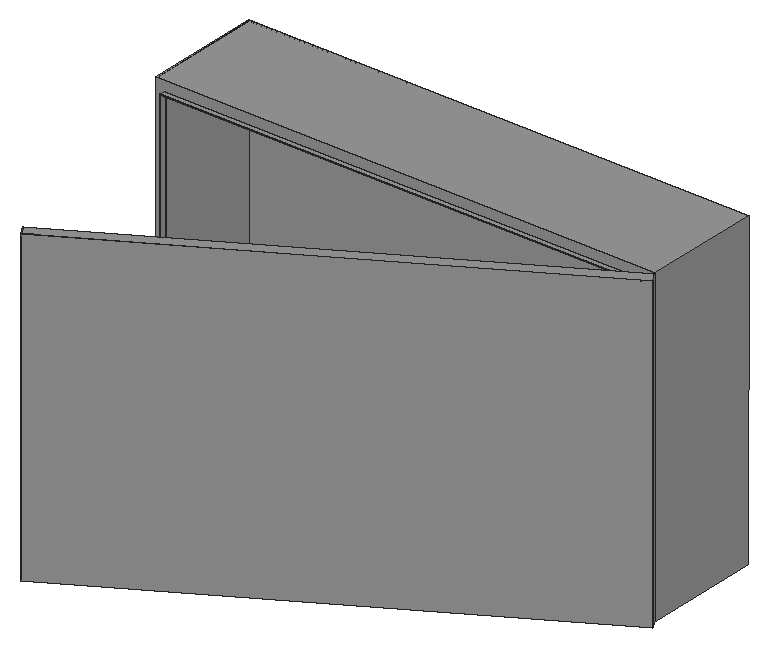
Revit family "Hager-Univers-IP54-D205-H500-Cl.II-Encl-NoHosted-DE-de", category Equipement électrique, Revit 2020
Family settings
  Configuration du panneau = Deux colonnes, circuits au sein
  Cote de connecteur circulaire = Utiliser le diamètre
  Type d'élément = Tableau de raccordement
  Basée sur le plan de construction = Oui
  Toujours verticalement = Oui
  Couper avec des vides une fois chargée = Non
  Partagée = Non
  Point de calcul de pièce = Non
Parameters (values of type "Aufputz IP54 B800 H500 T205  - FP33SW2")
  Width Control [instance] = if([EF000008 - Breite] > Min Width, [EF000008 - Breite], Min Width)  # 800 mm
  Commentaires du type = [HG000003 - Bereich]  # "Univers"
  Thickness Door [instance] = if([EF009171 - Materialstärke Tür/Deckel] > 3 mm, 3 mm, [EF009171 - Materialstärke Tür/Deckel])  # 1 mm
  Seal Frame Offset [instance] = 17 mm  # constant formula
  Plinth Visibility [instance] = [HG000027 - Sockelhöhe] > 0 mm  # no
  Min Width [instance] = 100 mm  # constant formula
  Min Depth [instance] = (2 * [EF009170 - Materialstärke Gehäuse]) + 1 mm  # 3 mm
  Min Height [instance] = 100 mm  # constant formula
  Internal Frame Depth [instance] = (Door System Depth * 0.5)  # 9 mm
  Panel Name [instance] = ""  # (empty or 0)
  Model = ""
  HG000027 - Sockelhöhe = 0 mm
  HG000026 - Stehend auf dem Boden = no
  HG000024 - Höhe des unteren Teils = 600 mm
  HG000023 - Gehäuse mit doppeltem Querschnitt = no
  HG000016 - 3D-Türsichtbarkeit [instance] = yes
  HG000015 - Sichtbarkeit der Türöffnung [instance] = no
  HG000014 - Tür rechts [instance] = yes
  HG000013 - Tür links [instance] = not([HG000014 - Tür rechts])  # no
  HG000012 - Türschwenkwinkel [instance] = 30.00°
  HG000010 - Asymmetrische Türen = no
  HG000009 - Doppelflügeligen Tür = no
  HG000006 - Unterputz = no
  HG000004 - Herstellerreferenz = "FP33SW2"
  HG000003 - Bereich = "Univers"
  HG000002 - Mit tür = yes
  Frame Offset Bottom [instance] = 10 mm  # constant formula
  Frame Offset [instance] = 15 mm  # constant formula
  EF015940 - Deckel mit Überdruckentlastung = no
  EF011959 - Schutzart (NEMA) = ""
  EF009554 - Anzahl der Öffnungen für Flanschplatten = 6
  EF009212 - Ausführung Deckel = "EV000116 - geschlossen"
  EF009171 - Materialstärke Tür/Deckel = 1 mm
  EF009170 - Materialstärke Gehäuse = 1 mm
  EF008873 - Nennstrom (In) = 250 A
  EF007800 - Geeignet für Blitzschutz = no
  EF006306 - Mit Schloss = no
  EF006244 - Transparenter Deckel/Tür = no
  EF005474 - Schutzart (IP) = "EV006419 - IP54"
  EF004464 - Art der Tür = "EV002646 - Einzel"
  EF004427 - Anzahl der Module = 108
  EF004293 - Schlagfestigkeit = "EV006815 - IK09"
  EF003532 - Geeignet für Außengebrauch = no
  EF002950 - Breite in Teilungseinheiten = 36
  EF001613 - Funktionserhalt = "EV000494 - ohne"
  EF001596 - Werkstoff des Gehäuses = "EV000179 - Stahl"
  EF001131 - Innentiefe = 143 mm
  EF001088 - Anbaumöglichkeit = yes
  EF000437 - Anzahl der Leitungseinführungen = 6
  EF000339 - Art der Abdeckung = "EV001012 - Deckel"
  EF000266 - Anzahl der Reihen = 3
  EF000218 - Einbautiefe = 205 mm
  EF000118 - Mit Montageplatte = no
  EF000116 - RAL-Nummer = "9010"
  EF000049 - Tiefe = 205 mm
  EF000040 - Höhe = 500 mm
  EF000008 - Breite = 800 mm
  EF000007 - Farbe = "EV000202 - weiß"
  EF000003 - Montageart = "EV000384 - Aufputz"
  Door System Leaf Tolerance [instance] = 1.5 mm  # constant formula
  Door System Depth [instance] = 18 mm  # constant formula
  Door Height [instance] = Height Control - [HG000027 - Sockelhöhe]  # 500 mm
  Description = ""
  Default Elevation = 1219.2 mm
  Connector Offset [instance] = Height Control / 2  # 250 mm
  Fabricant = "Hager"  # constant formula
  Height Control [instance] = if([EF000040 - Höhe] > Min Height, [EF000040 - Höhe], Min Height)  # 500 mm
  Depth Control [instance] = if([EF000049 - Tiefe] > Min Depth, [EF000049 - Tiefe], Min Depth)  # 205 mm
  Bottom Top Plate Trim [instance] = 1.5 mm  # constant formula
  Plinth height Ctrl [instance] = if([HG000027 - Sockelhöhe] > 0 mm, [HG000027 - Sockelhöhe], 12 mm)  # 12 mm
Types (5, lengths in mm): name | Width Control | HG000010 - Asymmetrische Türen | HG000009 - Doppelflügeligen Tür | HG000004 - Herstellerreferenz | EF009554 - Anzahl der Öffnungen für Flanschplatten | EF004464 - Art der Tür | EF004427 - Anzahl der Module | EF002950 - Breite in Teilungseinheiten | EF000437 - Anzahl der Leitungseinführungen | EF000008 - Breite
  Aufputz IP54 B1050 H500 T205  - FP34SW2 | 1050 | no | yes | "FP34SW2" | 8 | "EV003602 - Doppel" | 144 | 48 | 8 | 1050
  Aufputz IP54 B1300 H500 T205  - FP35SW2 | 1300 | yes | yes | "FP35SW2" | 10 | "EV003602 - Doppel" | 180 | 60 | 10 | 1300
  Aufputz IP54 B300 H500 T205  - FP31SW2 | 300 | no | no | "FP31SW2" | 2 | "EV002646 - Einzel" | 36 | 12 | 2 | 300
  Aufputz IP54 B550 H500 T205  - FP32SW2 | 550 | no | no | "FP32SW2" | 4 | "EV002646 - Einzel" | 72 | 24 | 4 | 550
  Aufputz IP54 B800 H500 T205  - FP33SW2 | 800 | no | no | "FP33SW2" | 6 | "EV002646 - Einzel" | 108 | 36 | 6 | 800
Reference planes
  plane 1 "Center (Front/Back)": y = 0
  plane 2: z = 0
  plane 3 "Center (Left/Right)": x = 0
  plane 4: y = 0
  plane 5: y = 0
  plane 6: z = 0
  plane 7: x = -400
  plane 8: x = 400
  plane 9: x = 399
  plane 10: x = -399
  plane 11: z = 0
  plane 12: z = 1
  plane 13: y = -205
  plane 14: y = -1
  plane 15: x = 0
  plane 16: y = -187
  plane 17: y = -204
  plane 18: y = -186
  plane 19: x = -384
  plane 20: x = 384
  plane 21: z = 11
  plane 22: x = -383
  plane 23: x = 383
  plane 24: z = 0
  plane 25: z = 500
  plane 26: z = 500
  plane 27: z = 484
  plane 28: z = 499
Forms (mm)
  Extrusion 1, solid, material "Hager_Steel_RAL7035_Light_Grey", detail levels medium+fine
    sketch origin (-208.679, -4572, 0) x (-1, 0, 0) y (0, -1, 0)
      loop
        line (191.321, -4385) -> (-608.679, -4385) -> (-608.679, -4572) -> (191.321, -4572) -> (191.321, -4385)
    from 0 to 500
  Extrusion 2, void
    sketch origin (-350.771, -205, 1219.2) x (1, 0, 0) y (0, 0, 1)
      loop
        line (-48.229, -720.2) -> (-48.229, -1218.2) -> (749.771, -1218.2) -> (749.771, -720.2) -> (-48.229, -720.2)
    from -19 to -204
  Extrusion 3, void
    sketch origin (-290.084, -187, 1219.2) x (1, 0, 0) y (0, 0, 1)
      loop
        line (-93.916, -1208.2) -> (674.084, -1208.2) -> (674.084, -735.2) -> (-93.916, -735.2) -> (-93.916, -1208.2)
    from 0 to -1
  Extrusion 4, solid, material "Hager_Steel_RAL7035_Light_Grey", visible <- "Plinth Visibility", detail levels medium+fine
    sketch origin (0, 0, 0) x (1, 0, 0) y (0, 1, 0)
      loop
        line (-400, 0) -> (-400, -187) -> (400, -187) -> (400, 0) -> (-400, 0)
    from 0 to 12 <- "Plinth height Ctrl"
  Extrusion 5, solid, material "Hager_Steel_RAL7035_Light_Grey", detail levels coarse
    sketch origin (0, 0, 0) x (1, 0, 0) y (0, 1, 0)
      loop
        line (-400, 0) -> (-400, -205) -> (400, -205) -> (400, 0) -> (-400, 0)
    from 0 to 500 <- "Height Control"
  Sweep 6, void
    path in 3D
      loop
        line (-400, -187, 12) -> (400, -187, 12) -> (400, 0, 12) -> (-400, 0, 12) -> (-400, -187, 12)
    profile origin (-400, -93.5, 12) x (1, 0, 0) y (0, 0, 1)
      loop
        line (0, 0) -> (0, -1.5) -> (1.5, -1.5)
        arc (1.5, -1.5) -> (1.061, -0.439) -> (0, 0) r 1.5
  Extrusion 7, solid, material "Hager_Steel_RAL7035_Light_Grey", detail levels fine
    sketch origin (-400, -187, 0) x (1, 0, 0) y (0, 0, 1)
      loop
        line (16, 11) -> (784, 11) -> (784, 484) -> (16, 484) -> (16, 11)
      loop
        line (15, 10) -> (785, 10) -> (785, 485) -> (15, 485) -> (15, 10)
    from 0 to 9 <- "Internal Frame Depth"
Cuts and joins
  Extrusion 2, Extrusion 3 cuts Extrusion 1
  Sweep 6 cuts Extrusion 4
Lines and regions (mm)
  Masking region 1
    outline origin (0, 0, 0) x (1, 0, 0) y (0, 1, 0)
      loop
        line (-400, 0) -> (-400, -205) -> (400, -205) -> (400, 0) -> (-400, 0)
  Masking region 2, detail levels coarse
    outline origin (-290.084, -187, 1219.2) x (-1, 0, 0) y (0, 0, 1)
      loop
        line (-690.084, -1219.2) -> (109.916, -1219.2) -> (109.916, -719.2) -> (-690.084, -719.2) -> (-690.084, -1219.2)
  Masking region 3, detail levels coarse
    outline origin (0, 0, 0) x (0, 1, 0) y (0, 0, 1)
      loop
        line (0, 0) -> (0, 500) -> (-205, 500) -> (-205, 0) -> (0, 0)
  Masking region 4, visible <- "Plinth Visibility", detail levels medium+fine
    outline origin (0, 0, 0) x (0, 1, 0) y (0, 0, 1)
      loop
        line (-1.5, 12) -> (-185.5, 12)
        arc (-185.5, 12) -> (-185.939, 10.939) -> (-187, 10.5) r 1.5
        line (-187, 10.5) -> (-187, 0) -> (0, 0) -> (0, 10.5)
        arc (0, 10.5) -> (-1.061, 10.939) -> (-1.5, 12) r 1.5
  Masking region 5, detail levels medium+fine
    outline origin (0, 0, 594.038) x (0, 1, 0) y (0, 0, 1)
      loop
        line (0, -594.038) -> (0, -94.038) -> (-187, -94.038) -> (-187, -594.038) -> (0, -594.038)
  Masking region 6, detail levels medium+fine
    outline origin (-359.7, -187, 1211.883) x (-1, 0, 0) y (0, 0, 1)
      loop
        line (-759.7, -1211.883) -> (40.3, -1211.883) -> (40.3, -711.883) -> (-759.7, -711.883) -> (-759.7, -1211.883)
  Masking region 7, visible <- "Plinth Visibility", detail levels medium+fine
    outline origin (-320.334, -187, 1041.368) x (-1, 0, 0) y (0, 0, 1)
      loop
        line (-720.334, -1041.368) -> (79.666, -1041.368) -> (79.666, -1030.868)
        arc (79.666, -1030.868) -> (78.606, -1030.429) -> (78.166, -1029.368) r 1.5
        line (78.166, -1029.368) -> (-718.834, -1029.368)
        arc (-718.834, -1029.368) -> (-719.273, -1030.429) -> (-720.334, -1030.868) r 1.5
        line (-720.334, -1030.868) -> (-720.334, -1041.368)
  sketch lines
    curve 1: line (-400, 0, 12) -> (-400, -187, 12)
    curve 2: line (-400, -187, 12) -> (400, -187, 12)
    curve 3: line (400, 0, 12) -> (-400, 0, 12)
    curve 4: line (400, -187, 12) -> (400, 0, 12)
Dimensions and locks
  locked: plane 1 "Center (Front/Back)" to plane 5
  "EF009170 - Materialstärke Gehäuse": plane 7 to plane 10
  "EF009170 - Materialstärke Gehäuse": plane 8 to plane 9
  equal spacing: plane 7, plane 3 "Center (Left/Right)", plane 8
  "Width Control": plane 7 to plane 8
  "Depth Control": plane 4 to plane 13
  "EF009170 - Materialstärke Gehäuse": plane 4 to plane 14
  "Height Control": plane 25 to level
  "HG000027 - Sockelhöhe": plane 11 to level
  "EF009170 - Materialstärke Gehäuse": plane 12 to plane 11
  "EF009170 - Materialstärke Gehäuse": plane 17 to plane 13
  "EF009170 - Materialstärke Gehäuse": plane 18 to plane 16
  "Frame Offset Bottom": plane 21 to plane 12
  "Frame Offset": plane 10 to plane 19
  "Frame Offset": plane 9 to plane 20
  "Door System Depth": plane 16 to plane 13
  "Seal Frame Offset": plane 7 to plane 22
  "Seal Frame Offset": plane 8 to plane 23
  "EF009170 - Materialstärke Gehäuse": plane 26 to plane 28
  "Frame Offset": plane 28 to plane 27
  "Connector Offset": plane 2 to connector elem
  "Bottom Top Plate Trim": profile plane to Sweep 6 sketch curve
  "Bottom Top Plate Trim": Sweep 6 sketch curve to Sweep 6 sketch curve
  "Plinth height Ctrl": Masking region 4 sketch curve to level
  "Plinth height Ctrl": Masking region 7 sketch curve to level
  "Thickness Door": Extrusion 7 sketch curve to Extrusion 7 sketch curve  (x4)
  "Bottom Top Plate Trim": radius of Sweep 6 sketch curve
  "Bottom Top Plate Trim": radius of Masking region 4 sketch curve  (x2)
  "Bottom Top Plate Trim": radius of Masking region 7 sketch curve  (x2)
  aligned and locked: Extrusion 2 sketch curve to plane 12
  aligned and locked: Extrusion 2 sketch curve to plane 9
  aligned and locked: Extrusion 2 sketch curve to plane 10
  aligned and locked: Extrusion 2 to plane 14
  aligned and locked: Extrusion 1 sketch curve to plane 4
  aligned and locked: plane 8 to Extrusion 1 sketch curve
  aligned and locked: plane 7 to Extrusion 1 sketch curve
  aligned and locked: Extrusion 2 to plane 18
  aligned and locked: plane 19 to Extrusion 3 sketch curve
  aligned and locked: plane 20 to Extrusion 3 sketch curve
  aligned and locked: Extrusion 3 to Extrusion 2
  aligned and locked: Extrusion 3 sketch curve to plane 21
  aligned and locked: plane 3 "Center (Left/Right)" to nested 1
  aligned and locked: Extrusion 1 sketch curve to plane 16
  aligned and locked: Extrusion 4 sketch curve to cut or joined group of Extrusion 1, Extrusion 2, Extrusion 3
  aligned and locked: Masking region 1 sketch curve to plane 7
  aligned and locked: Masking region 1 sketch curve to plane 5
  aligned and locked: Masking region 1 sketch curve to plane 8
  aligned and locked: Masking region 2 sketch curve to level
  aligned and locked: level to Masking region 3 sketch curve
  aligned and locked: plane 1 "Center (Front/Back)" to Masking region 3 sketch curve
  aligned and locked: plane 13 to Masking region 3 sketch curve
  aligned and locked: plane 5 to Masking region 4 sketch curve
  aligned and locked: Masking region 2 sketch curve to plane 8
  aligned and locked: Masking region 2 sketch curve to plane 7
  aligned and locked: plane 7 to nested 2
  aligned and locked: nested 2 to plane 5
  aligned and locked: plane 5 to Masking region 5 sketch curve
  aligned and locked: plane 26 to Masking region 5 sketch curve
  aligned and locked: Extrusion 5 sketch curve to plane 8
  aligned and locked: Extrusion 5 sketch curve to plane 7
  aligned and locked: Extrusion 5 sketch curve to plane 5
  aligned and locked: Extrusion 3 sketch curve to plane 27
  aligned and locked: Extrusion 2 sketch curve to plane 28
  aligned and locked: Masking region 2 to plane 25
  aligned and locked: Extrusion 4 to plane 16
  aligned and locked: profile plane to Sweep 6 sketch curve
  aligned and locked: Masking region 5 sketch curve to plane 24
  aligned and locked: level to Masking region 4 sketch curve
  aligned and locked: Masking region 1 to plane 13
  aligned and locked: nested 1 to plane 16
  aligned and locked: Masking region 3 to plane 25
  aligned and locked: plane 16 to Masking region 4 sketch curve
  aligned and locked: Masking region 5 sketch curve to plane 16
  aligned and locked: plane 24 to plane 11
  aligned and locked: plane 26 to plane 25
  aligned and locked: plane 26 to cut or joined group of Extrusion 1, Extrusion 2, Extrusion 3
  aligned and locked: nested 1 to plane 24
  aligned and locked: Extrusion 1 to Extrusion 3
  aligned and locked: Masking region 6 sketch curve to plane 8
  aligned and locked: Masking region 6 sketch curve to plane 24
  aligned and locked: Masking region 6 sketch curve to plane 7
  aligned and locked: Masking region 6 sketch curve to plane 26
  aligned and locked: Masking region 7 sketch curve to plane 7
  aligned and locked: level to Masking region 7 sketch curve
  aligned and locked: Masking region 7 sketch curve to plane 8
  aligned and locked: Extrusion 7 sketch curve to cut or joined group of Extrusion 1, Extrusion 2, Extrusion 3  (x4)
Automatic sketch dimensions
  plane 19 to Extrusion 3 sketch curve = 0 mm
  Extrusion 3 sketch curve to plane 20 = 0 mm
  Extrusion 3 sketch curve to plane 21 = 0 mm
  Extrusion 4 sketch curve to plane 7 = 0 mm
  Extrusion 4 sketch curve to plane 8 = 0 mm
  Extrusion 4 sketch curve to plane 16 = 0 mm
  Masking region 1 sketch curve to plane 13 = 0 mm
  Masking region 2 sketch curve to plane 25 = 0 mm
  Masking region 3 sketch curve to plane 25 = 0 mm
  Extrusion 5 sketch curve to plane 13 = 0 mm
  profile plane to Sweep 6 sketch curve = 0 mm
Nested families
  nested 1: "EC000058_Univers_Door" at (0, -187, 0), Double <- "HG000009 - Doppelflügeligen Tür", Transparent <- "EF006244 - Transparenter Deckel/Tür", Angle <- "HG000012 - Türschwenkwinkel", Door_Right <- "HG000014 - Tür rechts", Assymetrical <- "HG000010 - Asymmetrische Türen", Door <- "HG000002 - Mit tür", Width_Ctrl <- "Width Control", 3d_Door <- "HG000016 - 3D-Türsichtbarkeit", Clearance <- "HG000015 - Sichtbarkeit der Türöffnung", Door_Left <- "HG000013 - Tür links", Width <- "Width Control", Door_Depth <- "Door System Depth", Leaf_Tolerance <- "Door System Leaf Tolerance", Height <- "Door Height", Lock_Visibility <- "EF006306 - Mit Schloss", Thickness <- "Thickness Door", type "EC000058_Univers_Door", detail levels medium+fine
    with min_wh 3 mm, Width_Ctrl 800 mm, Width 800 mm, Transparent no, Thickness 1 mm, Seal_Material Hager_Rubber, Lock_Visibility no, Lock_Material Hager_Plastic_RAL9005_Jet_Black, Leaf_Width 800 mm, Leaf_Tolerance_External_Sides 0 mm, Leaf_Tolerance 1.5 mm, Leaf_Offset 0 mm, Leaf_Height 497 mm, Leaf_2_Width 800 mm, Leaf_2_Offset 400 mm, Leaf_1_Width 800 mm, Leaf_1_Offset 400 mm, Height_Ctrl 500 mm, Height 500 mm, Glass_Material Hager_Glass, Double_Clearance_Ctrl no, Double no, Door_Right_Ctrl yes, Door_Right yes, Door_Material Hager_Steel_RAL7035_Light_Grey, Door_Left_Ctrl no, Door_Left no, Door_Depth 18 mm, Door yes, Clearance_Material Hager_Clearance, Clearance_Depth 800 mm, Clearance_Ctrl no, Clearance no, Assymetrical no, Angle 30.00°, 3d_Door yes
  nested 2: "Hager_Enclosure_Symbol" at (-400, 0, 0), Height <- "Depth Control", Width <- "Width Control", type "Hager_Enclosure_Symbol"
    with Width_Ctrl 800 mm, Width 800 mm, Height_Ctrl 205 mm, Height 205 mm, A_Width_Int 13.453 mm, A_Width 161.438 mm, A_Height_Ctrl 179.375 mm, A_Height 179.375 mm
Connectors
  electrical at (0, 0, 250)
    settings: on plane 1 "Center (Front/Back)", index 1, voltage 0 V, apparent load 0 VA, apparent load phase1 0 VA, apparent load phase2 0 VA, apparent load phase3 0 VA, power factor 1, load classification "Other", number of poles 1, system type 30, power factor state 1, is connector primary yes, connector utility no, sub classification motor no, connector description ""
Definition of nested family "EC000058_Univers_Door"
  Parameters (values of type "EC000058_Univers_Door")
    min_wh [instance] = (2 * Thickness) + 1 mm  # 11 mm
    Width_Ctrl [instance] = 400 mm
    Width [instance] = 500 mm
    Transparent [instance] = yes
    Thickness [instance] = 5 mm
    Seal_Material [instance] = none
    Lock_Visibility [instance] = yes
    Lock_Material [instance] = none
    Leaf_Width [instance] = if((Width_Ctrl - 2 * Leaf_Tolerance_External_Sides) > 0 mm, (Width_Ctrl - 2 * Leaf_Tolerance_External_Sides), min_wh)  # 400 mm
    Leaf_Tolerance_External_Sides [instance] = 0 mm  # constant formula
    Leaf_Tolerance [instance] = 1.5 mm
    Leaf_Offset [instance] = 0 mm  # constant formula
    Leaf_Height [instance] = if((Height_Ctrl - 2 * Leaf_Tolerance) > 0 mm, (Height_Ctrl - 2 * Leaf_Tolerance), min_wh)  # 497 mm
    Leaf_2_Width [instance] = if(and(and(Double, Assymetrical), Door_Left), (Leaf_Width / 3) - (Leaf_Tolerance / 2), if(and(and(Double, Assymetrical), Door_Right), (Leaf_Width / 3) * 2 - (Leaf_Tolerance / 2), if(and(Double, not(Assymetrical)), (Leaf_Width / 2) - Leaf_Tolerance, Leaf_Width)))  # 400 mm
    Leaf_2_Offset [instance] = if(and(Double, Assymetrical), Leaf_2_Width / 2, if(and(Double, not(Assymetrical)), Leaf_Width / 4, Leaf_Width / 2))  # 200 mm
    Leaf_1_Width [instance] = if(and(and(Double, Assymetrical), Door_Right), (Leaf_Width / 3) - (Leaf_Tolerance / 2), if(and(and(Double, Assymetrical), Door_Left), (Width / 3) * 2 - (Leaf_Tolerance / 2), if(and(Double, not(Assymetrical)), (Leaf_Width / 2) - Leaf_Tolerance, Leaf_Width)))  # 400 mm
    Leaf_1_Offset [instance] = if(and(Double, Assymetrical), Leaf_1_Width / 2, if(and(Double, not(Assymetrical)), Leaf_Width / 4, Leaf_Width / 2))  # 200 mm
    Height_Ctrl [instance] = if(Height > min_wh, Height, min_wh)  # 500 mm
    Height [instance] = 500 mm
    Glass_Material [instance] = none
    Double_Clearance_Ctrl [instance] = and(Double, Clearance)  # no
    Double [instance] = no
    Door_Right_Ctrl [instance] = and(or(Door_Right, Double), Door)  # yes
    Door_Right [instance] = yes
    Door_Material [instance] = none
    Door_Left_Ctrl [instance] = and(or(Door_Left, Double), Door)  # no
    Door_Left [instance] = no
    Door_Depth [instance] = 30 mm
    Door [instance] = yes
    Default Elevation = 1219.2 mm
    Clearance_Material [instance] = none
    Clearance_Depth [instance] = if(Leaf_1_Width > Leaf_2_Width, Leaf_1_Width, Leaf_2_Width)  # 400 mm
    Clearance_Ctrl [instance] = and(not(Double), Clearance)  # yes
    Clearance [instance] = yes
    Assymetrical [instance] = yes
    Angle [instance] = 30.00°
    3d_Door [instance] = yes
  Reference planes
    plane 1 "Center (Front/Back)": y = 0
    plane 2 "Bottom": z = 0
    plane 3 "Center (Left/Right)": x = 0
    plane 4: z = 500
    plane 5: x = -200
    plane 6: x = 200
    plane 7: z = 500
    plane 8: x = -200
    plane 9: z = 0
    plane 10: x = 200
    plane 11: y = 0
    plane 12: z = 1.5
    plane 13: x = -600
    plane 14: y = -400
    plane 15: x = 600
    plane 16: x = 0
    plane 17: x = 0
    plane 18: x = -200
    plane 19: x = 200
    plane 20: z = 498.5
  Forms (mm)
    Extrusion 1, solid, material <- "Clearance_Material", visible <- "Double_Clearance_Ctrl"
      sketch origin (1200, 0, 0) x (1, 0, 0) y (0, 0, -1)
        loop
          line (-1800, -498.5) -> (-600, -498.5) -> (-600, 0) -> (-1800, 0) -> (-1800, -498.5)
      from 0 to -400
  Dimensions and locks
    equal spacing: plane 5, plane 3 "Center (Left/Right)", plane 6
    "Width_Ctrl": plane 5 to plane 6
    "Leaf_Offset": plane 5 to plane 8
    "Leaf_Offset": plane 6 to plane 10
    "Leaf_Offset": plane 9 to level
    "Leaf_Offset": plane 4 to plane 7
    "Height_Ctrl": plane 4 to level
    "Leaf_Tolerance": plane 12 to plane 9
    locked: plane 11 to plane 1 "Center (Front/Back)"
    "Leaf_1_Offset": plane 18 to plane 16
    "Leaf_2_Offset": plane 17 to plane 19
    "Leaf_1_Width": plane 13 to plane 8
    "Leaf_2_Width": plane 10 to plane 15
    "Clearance_Depth": plane 14 to plane 1 "Center (Front/Back)"
    "Leaf_Tolerance_External_Sides": plane 8 to plane 18
    "Leaf_Tolerance_External_Sides": plane 19 to plane 10
    "Leaf_Tolerance": plane 7 to plane 20
    aligned and locked: level to plane 2 "Bottom"
    aligned and locked: nested 1 to plane 16
    aligned and locked: nested 2 to plane 17
    aligned and locked: Extrusion 1 to plane 13
    aligned and locked: plane 15 to Extrusion 1
    aligned and locked: Extrusion 1 to plane 14
    aligned and locked: plane 12 to nested 1
    aligned and locked: nested 2 to plane 12
    aligned and locked: Extrusion 1 to plane 11
    aligned and locked: plane 20 to Extrusion 1
    aligned and locked: nested 2 to plane 11
    aligned and locked: nested 1 to plane 11
  Automatic sketch dimensions
    Extrusion 1 sketch curve to level = 0 mm
    plane 5 to Extrusion 1 sketch curve = 400 mm
    plane 6 to Extrusion 1 sketch curve = 400 mm
    Extrusion 1 sketch curve to plane 4 = 1.5 mm
  Nested families
    nested 1: "EC000058_Univers_Door_Leaf" at (0, 0, 1.5), Width <- "Leaf_1_Width", visible <- "Door_Left_Ctrl", Leaf_Height <- "Leaf_Height", Angle <- "Angle", 3d_Door <- "3d_Door", Transparent <- "Transparent", Clearance Material <- "Clearance_Material", Clearance <- "Clearance_Ctrl", Door_Material <- "Door_Material", Glass_Material <- "Glass_Material", Door_Depth <- "Door_Depth", Lock_Material <- "Lock_Material", Seal_Material <- "Seal_Material", Lock_Visibility <- "Lock_Visibility", Thickness <- "Thickness", type "EC000058_Univers_Door_Leaf"
      with Width 400 mm, Transparent_Glass_Offset 30 mm, Transparent_Ctrl yes, Transparent yes, Thickness 5 mm, Standard no, Seal_Material none, Seal_D2 8 mm, Seal_D1 1 mm, Offset_Internal_Frame 10 mm, Lock_Width 20 mm, Lock_Visibility_3d yes, Lock_Visibility yes, Lock_Thickness_3 3 mm, Lock_Thickness_2 1 mm, Lock_Thickness_1 3 mm, Lock_Radius_Offset_2 16 mm, Lock_Radius_Offset_1 15 mm, Lock_Radius_2 5 mm, Lock_Radius 6 mm, Lock_Offset 5 mm, Lock_Material none, Lock_Height 80 mm, Lock_Cover_Top_Offset_2d 17 mm, Lock_Cover_Height -65 mm, Leaf_Height 497 mm, Internal_Seal_Thickness 8 mm, Internal_Seal_Depth_2 4.5 mm, Internal_Frame_Depth 25 mm, Glass_Thickness -1 mm, Glass_Offset -2 mm, Glass_Material none, Door_Material none, Door_Depth 30 mm, Clearance Material none, Clearance yes, Angle_Ctrl 30.00°, Angle 30.00°, 3d_Door yes
    nested 2: "EC000058_Univers_Door_Leaf" at (0, 0, 1.5) x (-1, 0, 0) z (0, 0, 1), Width <- "Leaf_2_Width", visible <- "Door_Right_Ctrl", Leaf_Height <- "Leaf_Height", Angle <- "Angle", 3d_Door <- "3d_Door", Transparent <- "Transparent", Clearance Material <- "Clearance_Material", Clearance <- "Clearance_Ctrl", Door_Material <- "Door_Material", Glass_Material <- "Glass_Material", Door_Depth <- "Door_Depth", Lock_Material <- "Lock_Material", Seal_Material <- "Seal_Material", Lock_Visibility <- "Lock_Visibility", Thickness <- "Thickness", type "EC000058_Univers_Door_Leaf"
      with Width 400 mm, Transparent_Glass_Offset 30 mm, Transparent_Ctrl yes, Transparent yes, Thickness 5 mm, Standard no, Seal_Material none, Seal_D2 8 mm, Seal_D1 1 mm, Offset_Internal_Frame 10 mm, Lock_Width 20 mm, Lock_Visibility_3d yes, Lock_Visibility yes, Lock_Thickness_3 3 mm, Lock_Thickness_2 1 mm, Lock_Thickness_1 3 mm, Lock_Radius_Offset_2 16 mm, Lock_Radius_Offset_1 15 mm, Lock_Radius_2 5 mm, Lock_Radius 6 mm, Lock_Offset 5 mm, Lock_Material none, Lock_Height 80 mm, Lock_Cover_Top_Offset_2d 17 mm, Lock_Cover_Height -65 mm, Leaf_Height 497 mm, Internal_Seal_Thickness 8 mm, Internal_Seal_Depth_2 4.5 mm, Internal_Frame_Depth 25 mm, Glass_Thickness -1 mm, Glass_Offset -2 mm, Glass_Material none, Door_Material none, Door_Depth 30 mm, Clearance Material none, Clearance yes, Angle_Ctrl 30.00°, Angle 30.00°, 3d_Door yes
  Definition of nested family "EC000058_Univers_Door_Leaf"
    Parameters (values of type "EC000058_Univers_Door_Leaf")
      Width [instance] = 2000 mm
      Transparent_Glass_Offset [instance] = 30 mm
      Transparent_Ctrl [instance] = and(Transparent, [3d_Door])  # yes
      Transparent [instance] = yes
      Thickness [instance] = 5 mm
      Standard [instance] = and(not(Transparent), [3d_Door])  # no
      Seal_Material [instance] = none
      Seal_D2 [instance] = 8 mm  # constant formula
      Seal_D1 [instance] = 1 mm  # constant formula
      Offset_Internal_Frame [instance] = 10 mm  # constant formula
      Lock_Width [instance] = 20 mm  # constant formula
      Lock_Visibility_3d [instance] = and(Lock_Visibility, [3d_Door])  # yes
      Lock_Visibility [instance] = yes
      Lock_Thickness_3 [instance] = 3 mm  # constant formula
      Lock_Thickness_2 [instance] = 1 mm  # constant formula
      Lock_Thickness_1 [instance] = 3 mm  # constant formula
      Lock_Radius_Offset_2 [instance] = Lock_Radius_Offset_1 + 1 mm  # 16 mm
      Lock_Radius_Offset_1 [instance] = 15 mm  # constant formula
      Lock_Radius_2 [instance] = Lock_Radius - 1 mm  # 5 mm
      Lock_Radius [instance] = 6 mm  # constant formula
      Lock_Offset [instance] = 5 mm  # constant formula
      Lock_Material [instance] = none
      Lock_Height [instance] = 80 mm  # constant formula
      Lock_Cover_Top_Offset_2d [instance] = Lock_Radius_Offset_2 + 1 mm  # 17 mm
      Lock_Cover_Height [instance] = -(Lock_Height - Lock_Radius_Offset_1)  # -65 mm
      Leaf_Height [instance] = 2720.336 mm
      Internal_Seal_Thickness [instance] = 8 mm  # constant formula
      Internal_Seal_Depth_2 [instance] = 4.5 mm  # constant formula
      Internal_Frame_Depth [instance] = if(Door_Depth - Thickness > 5 mm, Door_Depth - Thickness, 5 mm)  # 25 mm
      Glass_Thickness [instance] = if(Thickness > 15 mm, Glass_Offset + 10 mm, -1 mm)  # -1 mm
      Glass_Offset [instance] = if(Thickness > 15 mm, -(Thickness + 10 mm) / 2, -2 mm)  # -2 mm
      Glass_Material [instance] = none
      Door_Material [instance] = none
      Door_Depth [instance] = 30 mm
      Default Elevation = 0 mm
      Clearance Material [instance] = none
      Clearance [instance] = yes
      Angle_Ctrl [instance] = if(Angle > 180.00°, 180.00°, Angle)  # 90.00°
      Angle [instance] = 90.00°
      3d_Door [instance] = yes
    Reference planes
      plane 1 "Center (Front/Back)": y = 0
      plane 2: z = 0
      plane 3 "Center (Left/Right)": x = 0
      plane 4: y = 2000
      plane 5: x = -1000
      plane 6: x = 1000
      plane 7: x = -3000
      plane 8: z = 2720.336
      plane 9: z = 30
      plane 10: z = 2690.336
      plane 11: x = 970
      plane 12: x = -970
      plane 13: y = -3
      plane 14: z = 107.833
      plane 15: y = -5
      plane 16: y = -223.314
      plane 17: x = -1000
      plane 18: z = 1360.168
      plane 19: y = 30
    Forms (mm)
      Extrusion 1, solid, material <- "Clearance Material", visible <- "Clearance"
        sketch origin (0, 0, 0) x (1, 0, 0) y (0, 0, 1)
          loop
            line (-3000, 2720.336) -> (-3000, 0) -> (1000, 0) -> (1000, 2720.336) -> (-3000, 2720.336)
        from 0 to -2000
      Extrusion 2, solid, material <- "Door_Material", visible <- "Standard", detail levels medium+fine
        sketch origin (-1000, 0, 0) x (0, 1, 0) y (-1, 0, 0)
          loop
            line (0, 30) -> (0, 25) -> (2000, 25) -> (2000, 30) -> (0, 30)
        from 0 to 2720.336 <- "Leaf_Height"
      Extrusion 3, solid, material <- "Door_Material", visible <- "Transparent_Ctrl", detail levels medium+fine
        sketch origin (-1000, 0, 0) x (0, 1, 0) y (-1, 0, 0)
          loop
            line (0, 25) -> (2000, 25) -> (2000, 30) -> (0, 30) -> (0, 25)
        from 0 to 2720.336 <- "Leaf_Height"
      Extrusion 4, void
        sketch origin (-1025, 2000, 0) x (0, 1, 0) y (0, 0, -1)
          loop
            line (-30, -2690.336) -> (-30, -30) -> (-1970, -30) -> (-1970, -2690.336) -> (-30, -2690.336)
        from 0 to 5 <- "Thickness"
      Sweep 5, solid, material <- "Seal_Material", visible <- "Transparent_Ctrl", detail levels fine
        path in 3D
          loop
            line (-1025, 30, 30) -> (-1025, 30, 2690.336) -> (-1025, 1970, 2690.336) -> (-1025, 1970, 30) -> (-1025, 30, 30)
        profile origin (-1025, 1000, 30) x (1, 0, 0) y (0, 0, 1)
          loop
            line (0, 0) -> (0, -8) -> (1, -8) -> (1, 0) -> (0, 0)
      Extrusion 6, solid, material <- "Glass_Material", visible <- "Transparent_Ctrl", detail levels medium+fine
        sketch origin (-1030, 0, 0) x (0, 1, 0) y (0, 0, -1)
          loop
            line (1970, -2690.336) -> (1970, -30) -> (30, -30) -> (30, -2690.336) -> (1970, -2690.336)
        from -2 <- "Glass_Offset" to -1 <- "Glass_Thickness"
      Extrusion 7, solid, material <- "Door_Material", visible <- "3d_Door", detail levels medium+fine
        sketch origin (-1025, 2000, 0) x (0, -1, 0) y (0, 0, -1)
          loop
            line (0, -2720.336) -> (2000, -2720.336) -> (2000, 0) -> (0, 0) -> (0, -2720.336)
          loop
            line (1995, -5) -> (5, -5) -> (5, -2715.336) -> (1995, -2715.336) -> (1995, -5)
        from 0 to 25 <- "Internal_Frame_Depth"
      Sweep 8, solid, material <- "Seal_Material", visible <- "Transparent_Ctrl", detail levels fine
        path in 3D
          loop
            line (-1025, 0, 0) -> (-1025, 2000, 0) -> (-1025, 2000, 2720.336) -> (-1025, 0, 2720.336) -> (-1025, 0, 0)
        profile origin (-1025, 0, 1360.168) x (1, 0, 0) y (0, 1, 0)
          loop
            line (0, 10) -> (2.975, 10)
            arc (2.975, 10) -> (4.053, 10.447) -> (4.5, 11.525) r 1.525
            line (4.5, 11.525) -> (4.5, 16.527)
            arc (4.5, 16.527) -> (4.069, 17.569) -> (3.027, 18) r 1.473
            line (3.027, 18) -> (0, 18) -> (0, 10)
      Extrusion 9, solid, material <- "Lock_Material", visible <- "Lock_Visibility_3d", detail levels fine
        sketch origin (-1030, 0, 0) x (0, 1, 0) y (0, 0, -1)
          loop
            arc (1993.5, -1400.168) -> (1994.561, -1399.729) -> (1995, -1398.668) r 1.5
            line (1995, -1398.668) -> (1995, -1320.168) -> (1975, -1320.168) -> (1975, -1398.668)
            arc (1975, -1398.668) -> (1975.439, -1399.729) -> (1976.5, -1400.168) r 1.5
            line (1976.5, -1400.168) -> (1993.5, -1400.168)
        from 3 <- "Lock_Thickness_1" to 0
      Blend 10, solid, material <- "Lock_Material", visible <- "Lock_Visibility_3d", detail levels fine
        base sketch origin (-1033, 0, 0) x (0, 1, 0) y (0, 0, -1)
          loop
            line (1975, -1320.168) -> (1975, -1398.668)
            arc (1975, -1398.668) -> (1975.439, -1399.729) -> (1976.5, -1400.168) r 1.5
            line (1976.5, -1400.168) -> (1993.5, -1400.168)
            arc (1993.5, -1400.168) -> (1994.561, -1399.729) -> (1995, -1398.668) r 1.5
            line (1995, -1398.668) -> (1995, -1320.168) -> (1975, -1320.168)
        top sketch origin (-1033, 0, 0) x (0, 1, 0) y (0, 0, -1)
          loop
            line (1976, -1320.168) -> (1976, -1398.668)
            arc (1976, -1398.668) -> (1976.146, -1399.022) -> (1976.5, -1399.168) r 0.5
            line (1976.5, -1399.168) -> (1993.5, -1399.168)
            arc (1993.5, -1399.168) -> (1993.854, -1399.022) -> (1994, -1398.668) r 0.5
            line (1994, -1398.668) -> (1994, -1320.168) -> (1976, -1320.168)
        from 0 to 1 <- "Lock_Thickness_2"
      Blend 11, solid, material <- "Lock_Material", visible <- "Lock_Visibility_3d", detail levels fine
        base sketch origin (-1034, 0, 0) x (0, 1, 0) y (0, 0, -1)
          loop
            line (1978, -1320.168) -> (1978, -1384.168)
            arc (1978, -1384.168) -> (1985, -1391.168) -> (1992, -1384.168) r 7
            line (1992, -1384.168) -> (1992, -1320.168) -> (1978, -1320.168)
        top sketch origin (-1034, 0, 0) x (0, 1, 0) y (0, 0, -1)
          loop
            line (1991, -1320.168) -> (1979, -1320.168) -> (1979, -1383.168)
            arc (1979, -1383.168) -> (1985, -1389.168) -> (1991, -1383.168) r 6
            line (1991, -1383.168) -> (1991, -1320.168)
        from 0 to 3 <- "Lock_Thickness_3"
      Extrusion 12, solid, material <- "Lock_Material", visible <- "Lock_Visibility_3d", detail levels fine
        sketch origin (-1030, 1975, 1320.168) x (1, 0, 0) y (0, -1, 0)
          loop
            line (-7, -19) -> (-7, -1) -> (0, -1) -> (0, 0) -> (-8, 0) -> (-8, -20) -> (0, -20) -> (0, -19) -> (-7, -19)
        from 0 to -65 <- "Lock_Cover_Height"
      Extrusion 13, void
        sketch origin (-1038, 1995, 1320.168) x (-1, 0, 0) y (0, 0, -1)
          loop
            line (-5, -65) -> (0, -65) -> (-5, -60) -> (-5, -65)
        from 0 to 20 <- "Lock_Width"
      Extrusion 14, void
        sketch origin (-1038, 1975, 1320.168) x (0, -1, 0) y (0, 0, -1)
          loop
            circle (-10, -15.995) r 6
          loop
            circle (-10, -15.995) r 5
        from 0 to 2
      Extrusion 15, solid, material <- "Lock_Material", visible <- "Lock_Visibility_3d", detail levels medium
        sketch origin (-1030, 0, 0) x (0, 1, 0) y (0, 0, -1)
          loop
            arc (1993.5, -1400.168) -> (1994.561, -1399.729) -> (1995, -1398.668) r 1.5
            line (1995, -1398.668) -> (1995, -1320.168) -> (1975, -1320.168) -> (1975, -1398.668)
            arc (1975, -1398.668) -> (1975.439, -1399.729) -> (1976.5, -1400.168) r 1.5
            line (1976.5, -1400.168) -> (1993.5, -1400.168)
        from 8 to 0
    Cuts and joins
      Extrusion 4 cuts Extrusion 3
      Extrusion 13, Extrusion 14 cuts Extrusion 9
      Extrusion 14 cuts Blend 11
      Extrusion 13, Extrusion 14 cuts Extrusion 12
      joined: Extrusion 9, Blend 10, Blend 11, Extrusion 12
      Extrusion 14 cuts Extrusion 15
    Lines and regions (mm)
      Masking region 1, visible <- "Lock_Visibility", detail levels fine
        outline origin (0, 0, 0) x (0, 1, 0) y (0, 0, 1)
          loop
            line (30, 1320.168) -> (33, 1320.168) -> (33, 1400.168) -> (30, 1400.168) -> (30, 1320.168)
      Masking region 2, visible <- "Lock_Visibility", detail levels fine
        outline origin (0, 3.143, 0) x (0, 1, 0) y (0, 0, 1)
          loop
            line (29.857, 1354.168) -> (30.857, 1354.168) -> (30.857, 1366.168) -> (29.857, 1366.168) -> (29.857, 1354.168)
      Masking region 3, detail levels medium+fine
        outline origin (0, 0, 0) x (0, 1, 0) y (0, 0, 1)
          loop
            line (0, 0) -> (30, 0) -> (30, 2720.336) -> (0, 2720.336) -> (0, 0)
      Masking region 4, detail levels medium+fine
        outline origin (0, 0, 0) x (1, 0, 0) y (0, 0, 1)
          loop
            line (-1000, 2720.336) -> (-1000, 0) -> (1000, 0) -> (1000, 2720.336) -> (-1000, 2720.336)
      Masking region 5, visible <- "Lock_Visibility", detail levels fine
        outline origin (-47.116, 0, 0) x (1, 0, 0) y (0, 0, 1)
          loop
            arc (1024.616, 1399.168) -> (1023.556, 1398.729) -> (1023.116, 1397.668) r 1.5
            line (1023.116, 1397.668) -> (1023.116, 1320.168) -> (1041.116, 1320.168) -> (1041.116, 1397.668)
            arc (1041.116, 1397.668) -> (1040.677, 1398.729) -> (1039.616, 1399.168) r 1.5
            line (1039.616, 1399.168) -> (1024.616, 1399.168)
      Masking region 6, visible <- "Lock_Visibility", detail levels medium+fine
        outline origin (-25, 0, 0) x (1, 0, 0) y (0, 0, 1)
          loop
            arc (1001.5, 1400.168) -> (1000.439, 1399.729) -> (1000, 1398.668) r 1.5
            line (1000, 1398.668) -> (1000, 1320.168) -> (1020, 1320.168) -> (1020, 1398.668)
            arc (1020, 1398.668) -> (1019.561, 1399.729) -> (1018.5, 1400.168) r 1.5
            line (1018.5, 1400.168) -> (1001.5, 1400.168)
      Masking region 7, visible <- "Lock_Visibility", detail levels fine
        outline origin (-73.735, 0, 0) x (1, 0, 0) y (0, 0, 1)
          loop
            line (1051.735, 1382.168) -> (1065.735, 1382.168) -> (1065.735, 1384.168)
            arc (1065.735, 1384.168) -> (1058.735, 1391.168) -> (1051.735, 1384.168) r 7
            line (1051.735, 1384.168) -> (1051.735, 1382.168)
      Masking region 8, visible <- "Lock_Visibility", detail levels fine
        outline origin (-73.735, 0, 0) x (1, 0, 0) y (0, 0, 1)
          loop
            line (1052.735, 1382.168) -> (1064.735, 1382.168) -> (1064.735, 1383.168)
            arc (1064.735, 1383.168) -> (1058.735, 1389.168) -> (1052.735, 1383.168) r 6
            line (1052.735, 1383.168) -> (1052.735, 1382.168)
      Masking region 9, visible <- "Lock_Visibility", detail levels fine
        outline origin (-25, 0, 0) x (1, 0, 0) y (0, 0, 1)
          loop
            line (1020, 1320.168) -> (1020, 1382.168) -> (1000, 1382.168) -> (1000, 1320.168) -> (1020, 1320.168)
      Masking region 10, detail levels medium+fine
        outline origin (0, 0, 0) x (1, 0, 0) y (0, 0, 1)
          loop
            circle (985, 1335.144) r 6
      Masking region 11, detail levels fine
        outline origin (0, 0, 0) x (1, 0, 0) y (0, 0, 1)
          loop
            circle (985, 1335.144) r 5
      Masking region 12, visible <- "Lock_Visibility", detail levels fine
        outline origin (0, 12.767, 0) x (0, 1, 0) y (0, 0, 1)
          loop
            line (20.233, 1320.168) -> (21.233, 1320.168) -> (21.233, 1399.168) -> (20.233, 1400.168) -> (20.233, 1320.168)
      Masking region 13, visible <- "Lock_Visibility", detail levels fine
        outline origin (0, 13.767, -10) x (0, 1, 0) y (0, 0, 1)
          loop
            line (20.233, 1330.168) -> (23.233, 1330.168) -> (23.233, 1399.168) -> (20.233, 1402.168) -> (20.233, 1330.168)
      Masking region 14, visible <- "Lock_Visibility", detail levels fine
        outline origin (0, 12.767, -10) x (0, 1, 0) y (0, 0, 1)
          loop
            line (20.233, 1330.168) -> (25.233, 1330.168) -> (25.233, 1399.305) -> (20.233, 1394.305) -> (20.233, 1330.168)
      Masking region 15, visible <- "Lock_Visibility", detail levels medium
        outline origin (0, 0, 0) x (0, 1, 0) y (0, 0, 1)
          loop
            line (30, 1320.168) -> (38, 1320.168) -> (38, 1400.168) -> (30, 1400.168) -> (30, 1320.168)
      Masking region 16, visible <- "Lock_Visibility", detail levels fine
        outline origin (-1000, 0, 0) x (0, 1, 0) y (-1, 0, 0)
          loop
            line (1975, 30) -> (1995, 30) -> (1995, 38) -> (1975, 38) -> (1975, 30)
          loop
            line (1979, 37) -> (1976, 37) -> (1976, 34) -> (1978, 34) -> (1979, 37)
          loop
            line (1994, 37) -> (1991, 37) -> (1992, 34) -> (1994, 34) -> (1994, 37)
      Masking region 17, visible <- "Lock_Visibility", detail levels medium
        outline origin (-1000, 0, 0) x (0, 1, 0) y (-1, 0, 0)
          loop
            line (1975, 30) -> (1995, 30) -> (1995, 38) -> (1975, 38) -> (1975, 30)
      symbolic lines
        curve 1: line (1000, 0, 0) -> (-3000, 0, 0)
        curve 2: arc (1000, 0, 0) -> (-1000, 2000, 0) -> (-3000, 0, 0) r 2000
        curve 4: line (-1030, 0, 0) -> (-1030, 2000, 0)
      reference lines
        curve 3: line (-1000, 0, 0) -> (-1000, 2000, 0)
      symbolic lines, detail levels medium+fine
        curve 5: line (-1030, 2000, 0) -> (-1025, 2000, 0)
        curve 7: line (-1025, 0, 0) -> (-1030, 0, 0)
        curve 8: line (-1025, 0, 0) -> (-1000, 0, 0)
        curve 9: line (-1000, 0, 0) -> (-1000, 2000, 0)
        curve 10: line (-1000, 2000, 0) -> (-1025, 2000, 0)
      symbolic lines, detail levels fine
        curve 6: line (-1025, 2000, 0) -> (-1025, 0, 0)
      sketch lines
        curve 11: line (-1025, 0, 2720.336) -> (-1025, 0, 0)
        curve 12: line (-1025, 2000, 0) -> (-1025, 0, 0)
        curve 13: line (-1025, 2000, 2720.336) -> (-1025, 2000, 0)
        curve 14: line (-1025, 0, 2720.336) -> (-1025, 2000, 2720.336)
        curve 15: line (-1025, 1970, 30) -> (-1025, 30, 30)
        curve 16: line (-1025, 30, 30) -> (-1025, 30, 2690.336)
        curve 17: line (-1025, 1970, 2690.336) -> (-1025, 1970, 30)
        curve 18: line (-1025, 30, 2690.336) -> (-1025, 1970, 2690.336)
      symbolic lines, visible <- "Transparent", detail levels medium+fine
        curve 19: line (-970, 0, 2690.336) -> (970, 0, 2690.336)
        curve 20: line (-970, 0, 30) -> (-970, 0, 2690.336)
        curve 21: line (970, 0, 30) -> (-970, 0, 30)
        curve 22: line (970, 0, 2690.336) -> (970, 0, 30)
    Dimensions and locks
      "Width": plane 1 "Center (Front/Back)" to plane 4
      equal spacing: plane 5, plane 3 "Center (Left/Right)", plane 6
      "Width": plane 5 to plane 6
      "Width": plane 7 to plane 5
      "Leaf_Height": plane 8 to level
      "Width": curve 5 to curve 3
      "Width": curve 3 to curve 3
      plane 8 to plane 10 = 30 mm
      plane 9 to level = 30 mm
      plane 12 to plane 5 = 30 mm
      plane 6 to plane 11 = 30 mm
      Extrusion 1 to Extrusion 4 sketch curve = 30 mm
      "Transparent_Glass_Offset": curve 3 to Extrusion 4 sketch curve
      "Transparent_Glass_Offset": Extrusion 4 sketch curve to cut or joined group of Extrusion 3, Extrusion 4  (x2)
      cut or joined group of Extrusion 3, Extrusion 4 to Extrusion 6 sketch curve = 30 mm
      "Transparent_Glass_Offset": cut or joined group of Extrusion 3, Extrusion 4 to Extrusion 4 sketch curve
      "Thickness": curve 6 to curve 4
      "Thickness": Extrusion 7 sketch curve to Extrusion 7 sketch curve  (x4)
      "Door_Depth": curve 4 to curve 3
      "Offset_Internal_Frame": profile plane to Sweep 8 sketch curve
      "Internal_Seal_Thickness": Sweep 8 sketch curve to Sweep 8 sketch curve
      "Internal_Seal_Depth_2": profile plane to Sweep 8 sketch curve
      "Seal_D1": profile plane to Sweep 5 sketch curve
      "Seal_D2": profile plane to Sweep 5 sketch curve
      "Thickness": Extrusion 2 sketch curve to Extrusion 2 sketch curve
      equal spacing: Extrusion 9 sketch curve, plane 18, Extrusion 9 sketch curve  (x2)
      equal spacing: Masking region 1 sketch curve, plane 18, Masking region 1 sketch curve
      "Lock_Height": Masking region 1 sketch curve to Masking region 1 sketch curve
      "Lock_Radius": Masking region 2 sketch curve to plane 18 to Masking region 2 sketch curve
      Masking region 2 sketch curve to Masking region 1 = 1 mm
      "Door_Depth": plane 19 to plane 1 "Center (Front/Back)"
      "Lock_Thickness_1": Masking region 1 sketch curve to plane 19
      "Lock_Width": Extrusion 9 sketch curve to Extrusion 9 sketch curve
      "Lock_Height": Extrusion 9 sketch curve to Extrusion 9 sketch curve
      "Lock_Offset": cut or joined group of Extrusion 3, Extrusion 4 to Extrusion 9 sketch curve
      equal spacing: plane 8, plane 18, level
      "Lock_Radius_Offset_1": Blend 11 sketch curve to Blend 10
      locked: Blend 10 to Blend 11 sketch curve at 2  (x2)
      locked: var sketch to Blend 11 sketch curve at 1  (x2)
      "Lock_Radius_Offset_2": Blend 11 sketch curve to Blend 10
      locked: Extrusion 12 sketch curve to Extrusion 12 sketch curve at 1  (x3)
      Masking region 6 sketch curve to Masking region 6 sketch curve = 80 mm
      "Lock_Height": Masking region 6 sketch curve to Masking region 6 sketch curve
      "Lock_Width": Masking region 6 sketch curve to Masking region 6 sketch curve
      locked: Masking region 6 to Masking region 5 sketch curve at 1  (x3)
      locked: Masking region 5 to Masking region 7 sketch curve at 2  (x2)
      "Lock_Radius_Offset_1": Masking region 5 to Masking region 7 sketch curve
      "Lock_Radius_Offset_2": Masking region 5 to Masking region 8 sketch curve
      locked: Masking region 7 to Masking region 8 sketch curve at 1  (x2)
      "Lock_Cover_Top_Offset_2d": Masking region 5 to Masking region 9 sketch curve
      equal spacing: Masking region 9, Masking region 10 sketch curve, Masking region 9
      equal spacing: Masking region 9, Masking region 11 sketch curve, Masking region 9
      Extrusion 15 sketch curve to Extrusion 15 sketch curve = 80 mm
      "Lock_Width": Extrusion 15 sketch curve to Extrusion 15 sketch curve
      "Lock_Height": Extrusion 15 sketch curve to Extrusion 15 sketch curve
      equal spacing: Extrusion 15 sketch curve, plane 18, Extrusion 15 sketch curve
      "Lock_Thickness_3": Masking region 13 sketch curve to Masking region 13 sketch curve
      "Lock_Height": Masking region 12 sketch curve to Masking region 12 sketch curve
      locked: Masking region 13 sketch curve to Masking region 1 at 8
      locked: Masking region 14 sketch curve to Masking region 13 at 1
      locked: Masking region 14 sketch curve to Masking region 1 at 10.863
      "Lock_Height": Masking region 15 sketch curve to Masking region 15 sketch curve
      "Lock_Offset": Extrusion 15 sketch curve to cut or joined group of Extrusion 3, Extrusion 4
      "Lock_Offset": plane 6 to Masking region 6 sketch curve
      radius of Sweep 8 sketch curve = 1.525 mm
      radius of Sweep 8 sketch curve = 1.473 mm
      radius of Extrusion 9 sketch curve = 1.5 mm  (x2)
      "Lock_Radius": radius of Extrusion 14 sketch curve
      "Lock_Radius_2": radius of Extrusion 14 sketch curve
      "Lock_Radius": radius of Masking region 10 sketch curve
      "Lock_Radius_2": radius of Masking region 11 sketch curve
      radius of Extrusion 15 sketch curve = 1.5 mm  (x2)
      "Angle_Ctrl": angle plane 1 "Center (Front/Back)" to curve 3
      locked: Masking region 12 sketch curve to Masking region 12 sketch curve (angle 45.00°)
      locked: Masking region 13 sketch curve to Masking region 13 sketch curve (angle 45.00°)
      locked: Masking region 14 sketch curve to Masking region 14 sketch curve (angle 45.00°)
      aligned and locked: level to plane 2
      aligned and locked: Extrusion 1 to curve 1
      aligned and locked: plane 6 to Extrusion 1
      aligned and locked: Extrusion 1 to plane 1 "Center (Front/Back)"
      aligned and locked: plane 4 to Extrusion 1
      aligned and locked: plane 8 to Extrusion 1
      aligned and locked: curve 7 to Extrusion 2 sketch curve
      aligned and locked: curve 5 to Extrusion 2 sketch curve
      aligned and locked: curve 7 to Extrusion 3 sketch curve
      aligned and locked: Extrusion 3 sketch curve to curve 4
      aligned and locked: Extrusion 3 sketch curve to curve 6
      aligned and locked: Extrusion 3 sketch curve to curve 5
      aligned and locked: curve 9 to curve 3
      aligned and locked: Extrusion 7 sketch curve to cut or joined group of Extrusion 3, Extrusion 4  (x4)
      aligned and locked: plane 17 to curve 3
      aligned and locked: plane 1 "Center (Front/Back)" to curve 3
      aligned and locked: plane 17 to plane 5
      aligned and locked: Sweep 8 sketch curve to profile plane
      aligned and locked: Sweep 5 sketch curve to profile plane  (x2)
      aligned and locked: Masking region 1 to Masking region 2 sketch curve
      aligned and locked: plane 19 to Masking region 1 sketch curve
      aligned and locked: plane 1 "Center (Front/Back)" to Masking region 3 sketch curve
      aligned and locked: plane 19 to Masking region 3 sketch curve
      aligned and locked: level to Masking region 3 sketch curve
      aligned and locked: Masking region 3 sketch curve to plane 8
      aligned and locked: plane 17 to Masking region 4 sketch curve
      aligned and locked: level to Masking region 4 sketch curve
      aligned and locked: Masking region 4 sketch curve to plane 8
      aligned and locked: plane 12 to curve 20
      aligned and locked: plane 10 to curve 19
      aligned and locked: plane 11 to curve 22
      aligned and locked: curve 21 to plane 9
      aligned and locked: Extrusion 2 sketch curve to cut or joined group of Extrusion 3, Extrusion 4
      aligned and locked: Blend 10 sketch curve to Extrusion 9  (x4)
      aligned and locked: Extrusion 9 to Blend 10 sketch curve
      aligned and locked: Blend 10 to Blend 11 sketch curve
      aligned and locked: Extrusion 12 sketch curve to Blend 11
      aligned and locked: Extrusion 12 sketch curve to Extrusion 9  (x4)
      aligned and locked: Masking region 5 sketch curve to Masking region 6
      aligned and locked: Masking region 9 sketch curve to Masking region 6  (x3)
      aligned and locked: Masking region 12 sketch curve to Masking region 1
      aligned and locked: Masking region 13 sketch curve to Masking region 1
      aligned and locked: Masking region 12 to Masking region 14
      aligned and locked: Masking region 14 sketch curve to Masking region 1
      aligned and locked: Masking region 15 sketch curve to Masking region 14
      aligned and locked: Masking region 13 sketch curve to Masking region 12
      aligned and locked: Masking region 16 sketch curve to cut or joined group of Extrusion 14, Extrusion 15  (x4)
      aligned and locked: Masking region 16 sketch curve to cut or joined group of Extrusion 9, Blend 10, Blend 11, Extrusion 12, Extrusion 13, Extrusion 14  (x6)
      aligned and locked: cut or joined group of Extrusion 9, Blend 10, Blend 11, Extrusion 12, Extrusion 13, Extrusion 14 to Masking region 16 sketch curve
      aligned and locked: Masking region 17 sketch curve to cut or joined group of Extrusion 14, Extrusion 15  (x3)
      aligned and locked: Masking region 17 sketch curve to cut or joined group of Extrusion 9, Blend 10, Blend 11, Extrusion 12, Extrusion 13, Extrusion 14
      aligned and locked: Masking region 9 to Masking region 8 sketch curve
      aligned and locked: Masking region 9 to Masking region 7 sketch curve
    Automatic sketch dimensions
      plane 1 "Center (Front/Back)" to curve 2 = 0 mm
      curve 2 to plane 5 = 0 mm
      Extrusion 1 sketch curve to level = 0 mm
      Extrusion 1 sketch curve to plane 7 = 0 mm
      Extrusion 1 sketch curve to plane 6 = 0 mm
      Extrusion 1 sketch curve to plane 8 = 0 mm
      Extrusion 3 to Extrusion 6 sketch curve = 30 mm  (x4)
      Masking region 4 sketch curve to plane 6 = 0 mm
      Blend 10 sketch curve to Extrusion 9 = 1.5 mm
      Blend 10 sketch curve to Extrusion 9 = 1 mm
      Extrusion 13 sketch curve to Extrusion 12 = 0 mm  (x2)
      Extrusion 12 to Extrusion 13 sketch curve = 3 mm
      Extrusion 13 sketch curve to Extrusion 12 = 5 mm
      Extrusion 14 sketch curve to Extrusion 14 sketch curve = 0 mm  (x2)
      Extrusion 14 sketch curve to Extrusion 12 = 10 mm
      Extrusion 14 sketch curve to Extrusion 12 = 15.995 mm
      Masking region 5 sketch curve to Masking region 5 sketch curve = 1.5 mm  (x2)
      Masking region 10 sketch curve to plane 18 = 25.024 mm
      Masking region 11 sketch curve to plane 18 = 25.024 mm
      plane 19 to Masking region 14 sketch curve = 3 mm
      Masking region 16 sketch curve to Masking region 16 sketch curve = 3 mm
      curve 4 to curve 3 = 0 mm
      Blend 10 to Blend 11 sketch curve = 0 mm
      Masking region 6 sketch curve to Masking region 6 sketch curve = 1.5 mm  (x2)
      Masking region 6 sketch curve to plane 18 = 40 mm
      plane 19 to Masking region 12 sketch curve = 3 mm
      Masking region 12 sketch curve to Masking region 12 sketch curve = 1 mm
      Masking region 15 sketch curve to plane 19 = 0 mm
      Masking region 15 sketch curve to plane 18 = 40 mm
      radius of Blend 10 sketch curve to Extrusion 9 = 1 mm
Definition of nested family "Hager_Enclosure_Symbol"
  Parameters (values of type "Hager_Enclosure_Symbol")
    Width_Ctrl [instance] = if(Width > 1 mm, Width, 1 mm)  # 102.27 mm
    Width [instance] = 102.27 mm
    Height_Ctrl [instance] = if(Height > 1 mm, Height, 1 mm)  # 66.5 mm
    A_Width_Int [instance] = if(A_Width / 12 > 2 mm, A_Width / 12, 2 mm)  # 4.364 mm
    A_Width [instance] = if(A_Height_Ctrl * 0.9 > 2 mm, A_Height_Ctrl * 0.9, 2 mm)  # 52.369 mm
    A_Height_Ctrl [instance] = if(A_Height > 2 mm, A_Height, 2 mm)  # 58.188 mm
    Height [instance] = 66.5 mm
    A_Height [instance] = Height - (Height / 8)  # 58.188 mm
  Reference planes
    plane 1 "Centre (avant/arrière)": y = 0
    plane 2: z = 0
    plane 3 "Centre (gauche/droite)": x = 0
    plane 4: x = 52.369
    plane 5: y = 33.042
    plane 6: y = 41.77
    plane 7: y = 66.5
    plane 8: x = 26.184
    plane 9: y = 37.406
    plane 10: x = 102.27
    plane 11: y = 66.5
    plane 12: y = 8.313
  Lines and regions (mm)
    Filled region 1, type "Solid_Black", in view "Niveau de réf."
      outline origin (0, 0, 0) x (1, 0, 0) y (0, 1, 0)
        loop
          line (52.369, 66.5) -> (33.188, 54.536) -> (45.365, 45.006) -> (52.369, 66.5)
    Filled region 2, type "Solid_Black", in view "Niveau de réf."
      outline origin (0, 0, 0) x (1, 0, 0) y (0, 1, 0)
        loop
          line (0, 0) -> (102.27, 0) -> (102.27, 66.5) -> (0, 0)
    detail lines, in view "Niveau de réf."
      curve 1: line (0, 8.313, 0) -> (26.184, 41.77, 0)
      curve 2: line (26.184, 41.77, 0) -> (26.184, 33.042, 0)
      curve 3: line (26.184, 33.042, 0) -> (52.369, 66.5, 0)
  Dimensions and locks
    "A_Width": plane 3 "Centre (gauche/droite)" to plane 4
    equal spacing: plane 3 "Centre (gauche/droite)", plane 8, plane 4
    equal spacing: plane 6, plane 9, plane 5
    equal spacing: curve 3, Filled region 1 sketch curve, Filled region 1 sketch curve
    "Height_Ctrl": plane 1 "Centre (avant/arrière)" to plane 11
    "A_Height_Ctrl": plane 11 to plane 12
    equal spacing: plane 11, plane 9, plane 12
    "A_Width_Int": plane 6 to plane 9
    "Width_Ctrl": plane 3 "Centre (gauche/droite)" to plane 10
    angle Filled region 1 sketch curve to curve 3 = 20.00°
    angle curve 3 to Filled region 1 sketch curve = 20.00°
    locked: curve 3 to Filled region 1 sketch curve (angle 90.00°)
    aligned and locked: plane 10 to Filled region 2
    aligned and locked: plane 11 to Filled region 2 sketch curve
    aligned and locked: plane 10 to Filled region 2 sketch curve
    aligned and locked: plane 3 "Centre (gauche/droite)" to curve 1
    aligned and locked: plane 12 to curve 1
    aligned and locked: plane 7 to plane 11
  Automatic sketch dimensions
    Filled region 1 sketch curve to plane 4 = 0 mm
    Filled region 1 sketch curve to plane 7 = 0 mm
    plane 1 "Centre (avant/arrière)" to Filled region 2 sketch curve = 0 mm
    Filled region 2 sketch curve to plane 3 "Centre (gauche/droite)" = 0 mm
    curve 2 to plane 6 = 0 mm
    curve 2 to plane 8 = 0 mm
    curve 3 to plane 4 = 0 mm
    curve 2 to plane 5 = 0 mm
    curve 3 to plane 7 = 0 mm
